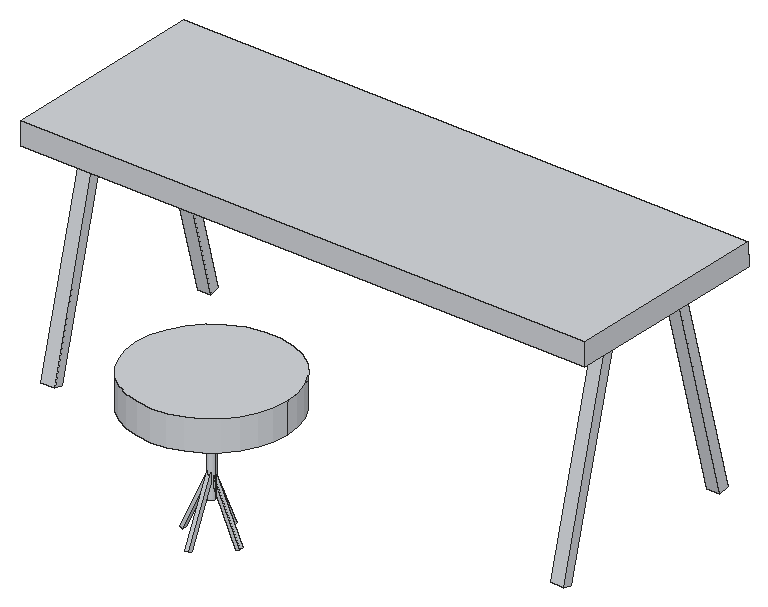
Revit family "АВЛН_Музыкальное оборудование", category Мебель, Revit 2019
Family settings
  Номер OmniClass = 23.40.20.00
  Заголовок OmniClass = General Furniture and Specialties
  На основе рабочей плоскости = Нет
  Всегда вертикально = Да
  При загрузке вырезать с полостями = Нет
  Общий = Нет
  Точка расчета площади = Нет
Parameters (values of type "Цифровое пианино с банкеткой")
  Описание = "Цифровое пианино с банкеткой;1300х420х820мм;\r\nN=0,004кВт"
  Type Comments = ""
  Keynote = ""
  Изготовитель = "Yamaha"
  Группа модели = "Оборудование основных помещений школы"  # constant formula
  ADSK_Размер_Ширина = 540 mm
  ADSK_Размер_Длина = 1490 mm
  ADSK_Размер_Высота = 600 mm
  ADSK_Обозначение = "Yamaha CLP-320"
  ADSK_Масса = 0
  ADSK_Код изделия = ""
  ADSK_Единица измерения = "шт"  # constant formula
Types (2, lengths in mm): name | ADSK_Размер_Ширина | ADSK_Размер_Длина
  (no name) | 600 | 500
  Цифровое пианино с банкеткой | 540 | 1490
Reference planes
  plane 1 "По центру (Вперед/Назад)": y = 0
  plane 2: z = 0
  plane 3 "По центру (Влево/Вправо)": x = 0
  plane 4: z = 600
  plane 5: y = 270
  plane 6: x = 745
  plane 7: x = -745
  plane 8: y = -270
Forms (mm)
  Extrusion 1, solid
    sketch origin (0, -518.993, 633.496) x (-1, 0, 0) y (0, -1, 0)
      loop
        line (-745, -788.993) -> (745, -788.993) -> (745, -248.993) -> (-745, -248.993) -> (-745, -788.993)
    from -93.496 to -33.496
  Extrusion 2, solid
    sketch origin (0, -536.391, 726.976) x (-1, 0, 0) y (0, -1, 0)
      loop
        circle (0, 33.609) r 200
    from -407.341 to -327.341
  Extrusion 3, solid
    sketch origin (-200, -518.993, 592.976) x (-1, 0, 0) y (0, -1, 0)
      loop
        circle (-200, 51.007) r 10
    from -491.843 to -273.341
  Sweep 4, solid
    path origin (0, 0, 0) x (0, 1, 0) y (0, 0, 1)
      loop
        line (-270, 0) -> (-125.307, 540) -> (125.307, 540) -> (270, 0)
    profile origin (0, -197.654, 270) x (0, -0.965926, 0.258819) y (1, 0, 0)
      loop
        line (0, 655) -> (0, 690) -> (-25, 690) -> (-25, 655) -> (0, 655)
  Sweep 5, solid
    path origin (0, 0, 0) x (0, 1, 0) y (0, 0, -1)
      loop
        line (-270, 0) -> (-125.307, -540) -> (125.307, -540) -> (270, 0)
    profile origin (0, -197.654, 270) x (0, 0.965926, -0.258819) y (-1, 0, 0)
      loop
        line (0, 655) -> (25, 655) -> (25, 690) -> (0, 690) -> (0, 655)
  Sweep 6, solid
    path origin (0, 0, 0) x (0, 1, 0) y (0, 0, 1)
      loop
        line (-645.56, 7.256) -> (-571.224, 166.672) -> (-496.45, 6.319)
    profile origin (0, -608.392, 86.964) x (0, -0.906308, 0.422618) y (1, 0, 0)
      loop
        line (5, -5.345) -> (5, 4.655) -> (-5, 4.655) -> (-5, -5.345) -> (5, -5.345)
  Sweep 7, solid
    path origin (570.66, -571.35, 0) x (1, 0, 0) y (0, 0, 1)
      loop
        line (-645.56, 7.256) -> (-571.224, 166.672) -> (-496.45, 6.319)
    profile origin (-37.732, -571.35, 86.964) x (-0.906308, 0, 0.422618) y (0, -1, 0)
      loop
        line (5, -5.345) -> (5, 4.655) -> (-5, 4.655) -> (-5, -5.345) -> (5, -5.345)
Lines and regions (mm)
  symbolic lines
    curve 1: line (745, 60, 592.976) -> (-745, 60, 592.976)
    curve 2: line (745, 0, 592.976) -> (-745, 0, 592.976)
    curve 3: line (-745, -20, 592.976) -> (-685, -20, 592.976)
    curve 4: line (-685, -20, 592.976) -> (-685, -270, 592.976)
    curve 5: line (-685, -250, 592.976) -> (685, -250, 592.976)
    curve 6: line (745, -20, 592.976) -> (685, -20, 592.976)
    curve 7: line (685, -20, 592.976) -> (685, -270, 592.976)
    curve 8: line (-685, -120, 592.976) -> (685, -120, 592.976)
    curve 9: line (-400, -43.579, 592.976) -> (400, -43.579, 592.976)
    curve 10: line (-400, -83.579, 592.976) -> (-400, -43.579, 592.976)
    curve 11: line (400, -83.579, 592.976) -> (-400, -83.579, 592.976)
    curve 12: line (400, -43.579, 592.976) -> (400, -83.579, 592.976)
    curve 13: line (-655, -120, 592.976) -> (-655, -250, 592.976)
    curve 14: line (-625, -120, 592.976) -> (-625, -250, 592.976)
    curve 15: line (-595, -120, 592.976) -> (-595, -250, 592.976)
    curve 16: line (-565, -120, 592.976) -> (-565, -250, 592.976)
    curve 17: line (-535, -120, 592.976) -> (-535, -250, 592.976)
    curve 18: line (-505, -120, 592.976) -> (-505, -250, 592.976)
    curve 19: line (-475, -120, 592.976) -> (-475, -250, 592.976)
    curve 20: line (-445, -120, 592.976) -> (-445, -250, 592.976)
    curve 21: line (-415, -120, 592.976) -> (-415, -250, 592.976)
    curve 22: line (-385, -120, 592.976) -> (-385, -250, 592.976)
    curve 23: line (-355, -120, 592.976) -> (-355, -250, 592.976)
    curve 24: line (-325, -120, 592.976) -> (-325, -250, 592.976)
    curve 25: line (-295, -120, 592.976) -> (-295, -250, 592.976)
    curve 26: line (-265, -120, 592.976) -> (-265, -250, 592.976)
    curve 27: line (-235, -120, 592.976) -> (-235, -250, 592.976)
    curve 28: line (-205, -120, 592.976) -> (-205, -250, 592.976)
    curve 29: line (-175, -120, 592.976) -> (-175, -250, 592.976)
    curve 30: line (-145, -120, 592.976) -> (-145, -250, 592.976)
    curve 31: line (-115, -120, 592.976) -> (-115, -250, 592.976)
    curve 32: line (-85, -120, 592.976) -> (-85, -250, 592.976)
    curve 33: line (-55, -120, 592.976) -> (-55, -250, 592.976)
    curve 34: line (-25, -120, 592.976) -> (-25, -250, 592.976)
    curve 35: line (5, -120, 592.976) -> (5, -250, 592.976)
    curve 36: line (35, -120, 592.976) -> (35, -250, 592.976)
    curve 37: line (65, -120, 592.976) -> (65, -250, 592.976)
    curve 38: line (95, -120, 592.976) -> (95, -250, 592.976)
    curve 39: line (125, -120, 592.976) -> (125, -250, 592.976)
    curve 40: line (155, -120, 592.976) -> (155, -250, 592.976)
    curve 41: line (185, -120, 592.976) -> (185, -250, 592.976)
    curve 42: line (215, -120, 592.976) -> (215, -250, 592.976)
    curve 43: line (245, -120, 592.976) -> (245, -250, 592.976)
    curve 44: line (275, -120, 592.976) -> (275, -250, 592.976)
    curve 45: line (305, -120, 592.976) -> (305, -250, 592.976)
    curve 46: line (335, -120, 592.976) -> (335, -250, 592.976)
    curve 47: line (365, -120, 592.976) -> (365, -250, 592.976)
    curve 48: line (395, -120, 592.976) -> (395, -250, 592.976)
    curve 49: line (425, -120, 592.976) -> (425, -250, 592.976)
    curve 50: line (455, -120, 592.976) -> (455, -250, 592.976)
    curve 51: line (485, -120, 592.976) -> (485, -250, 592.976)
    curve 52: line (515, -120, 592.976) -> (515, -250, 592.976)
    curve 53: line (545, -120, 592.976) -> (545, -250, 592.976)
    curve 54: line (575, -120, 592.976) -> (575, -250, 592.976)
    curve 55: line (605, -120, 592.976) -> (605, -250, 592.976)
    curve 56: line (635, -120, 592.976) -> (635, -250, 592.976)
    curve 57: line (665, -120, 592.976) -> (665, -250, 592.976)
    curve 58: line (-660, -120, 592.976) -> (-660, -190, 592.976)
    curve 59: line (-660, -190, 592.976) -> (-670, -190, 592.976)
    curve 60: line (-670, -190, 592.976) -> (-670, -120, 592.976)
    curve 61: line (-635, -120, 592.976) -> (-635, -190, 592.976)
    curve 62: line (-635, -190, 592.976) -> (-645, -190, 592.976)
    curve 63: line (-645, -190, 592.976) -> (-645, -120, 592.976)
    curve 64: line (-575, -120, 592.976) -> (-575, -190, 592.976)
    curve 65: line (-575, -190, 592.976) -> (-585, -190, 592.976)
    curve 66: line (-585, -190, 592.976) -> (-585, -120, 592.976)
    curve 67: line (-545, -120, 592.976) -> (-545, -190, 592.976)
    curve 68: line (-545, -190, 592.976) -> (-555, -190, 592.976)
    curve 69: line (-555, -190, 592.976) -> (-555, -120, 592.976)
    curve 70: line (-485, -120, 592.976) -> (-485, -190, 592.976)
    curve 71: line (-485, -190, 592.976) -> (-495, -190, 592.976)
    curve 72: line (-495, -190, 592.976) -> (-495, -120, 592.976)
    curve 73: line (-425, -120, 592.976) -> (-425, -190, 592.976)
    curve 74: line (-425, -190, 592.976) -> (-435, -190, 592.976)
    curve 75: line (-435, -190, 592.976) -> (-435, -120, 592.976)
    curve 76: line (-395, -120, 592.976) -> (-395, -190, 592.976)
    curve 77: line (-395, -190, 592.976) -> (-405, -190, 592.976)
    curve 78: line (-405, -190, 592.976) -> (-405, -120, 592.976)
    curve 79: line (-335, -120, 592.976) -> (-335, -190, 592.976)
    curve 80: line (-335, -190, 592.976) -> (-345, -190, 592.976)
    curve 81: line (-345, -190, 592.976) -> (-345, -120, 592.976)
    curve 82: line (-275, -120, 592.976) -> (-275, -190, 592.976)
    curve 83: line (-275, -190, 592.976) -> (-285, -190, 592.976)
    curve 84: line (-285, -190, 592.976) -> (-285, -120, 592.976)
    curve 85: line (-245, -120, 592.976) -> (-245, -190, 592.976)
    curve 86: line (-245, -190, 592.976) -> (-255, -190, 592.976)
    curve 87: line (-255, -190, 592.976) -> (-255, -120, 592.976)
    curve 88: line (-185, -120, 592.976) -> (-185, -190, 592.976)
    curve 89: line (-185, -190, 592.976) -> (-195, -190, 592.976)
    curve 90: line (-195, -190, 592.976) -> (-195, -120, 592.976)
    curve 91: line (-125, -120, 592.976) -> (-125, -190, 592.976)
    curve 92: line (-125, -190, 592.976) -> (-135, -190, 592.976)
    curve 93: line (-135, -190, 592.976) -> (-135, -120, 592.976)
    curve 94: line (-95, -120, 592.976) -> (-95, -190, 592.976)
    curve 95: line (-95, -190, 592.976) -> (-105, -190, 592.976)
    curve 96: line (-105, -190, 592.976) -> (-105, -120, 592.976)
    curve 97: line (-35, -120, 592.976) -> (-35, -190, 592.976)
    curve 98: line (-35, -190, 592.976) -> (-45, -190, 592.976)
    curve 99: line (-45, -190, 592.976) -> (-45, -120, 592.976)
    curve 100: line (-5, -120, 592.976) -> (-5, -190, 592.976)
    curve 101: line (-5, -190, 592.976) -> (-15, -190, 592.976)
    curve 102: line (-15, -190, 592.976) -> (-15, -120, 592.976)
    curve 103: line (55, -120, 592.976) -> (55, -190, 592.976)
    curve 104: line (55, -190, 592.976) -> (45, -190, 592.976)
    curve 105: line (45, -190, 592.976) -> (45, -120, 592.976)
    curve 106: line (115, -120, 592.976) -> (115, -190, 592.976)
    curve 107: line (115, -190, 592.976) -> (105, -190, 592.976)
    curve 108: line (105, -190, 592.976) -> (105, -120, 592.976)
    curve 109: line (145, -120, 592.976) -> (145, -190, 592.976)
    curve 110: line (145, -190, 592.976) -> (135, -190, 592.976)
    curve 111: line (135, -190, 592.976) -> (135, -120, 592.976)
    curve 112: line (205, -120, 592.976) -> (205, -190, 592.976)
    curve 113: line (205, -190, 592.976) -> (195, -190, 592.976)
    curve 114: line (195, -190, 592.976) -> (195, -120, 592.976)
    curve 115: line (265, -120, 592.976) -> (265, -190, 592.976)
    curve 116: line (265, -190, 592.976) -> (255, -190, 592.976)
    curve 117: line (255, -190, 592.976) -> (255, -120, 592.976)
    curve 118: line (295, -120, 592.976) -> (295, -190, 592.976)
    curve 119: line (295, -190, 592.976) -> (285, -190, 592.976)
    curve 120: line (285, -190, 592.976) -> (285, -120, 592.976)
    curve 121: line (355, -120, 592.976) -> (355, -190, 592.976)
    curve 122: line (355, -190, 592.976) -> (345, -190, 592.976)
    curve 123: line (345, -190, 592.976) -> (345, -120, 592.976)
    curve 124: line (385, -120, 592.976) -> (385, -190, 592.976)
    curve 125: line (385, -190, 592.976) -> (375, -190, 592.976)
    curve 126: line (375, -190, 592.976) -> (375, -120, 592.976)
    curve 127: line (445, -120, 592.976) -> (445, -190, 592.976)
    curve 128: line (445, -190, 592.976) -> (435, -190, 592.976)
    curve 129: line (435, -190, 592.976) -> (435, -120, 592.976)
    curve 130: line (475, -120, 592.976) -> (475, -190, 592.976)
    curve 131: line (475, -190, 592.976) -> (465, -190, 592.976)
    curve 132: line (465, -190, 592.976) -> (465, -120, 592.976)
    curve 133: line (535, -120, 592.976) -> (535, -190, 592.976)
    curve 134: line (535, -190, 592.976) -> (525, -190, 592.976)
    curve 135: line (525, -190, 592.976) -> (525, -120, 592.976)
    curve 136: line (567.239, -120, 592.976) -> (567.239, -190, 592.976)
    curve 137: line (567.239, -190, 592.976) -> (557.239, -190, 592.976)
    curve 138: line (557.239, -190, 592.976) -> (557.239, -120, 592.976)
    curve 139: line (625, -120, 592.976) -> (625, -190, 592.976)
    curve 140: line (625, -190, 592.976) -> (615, -190, 592.976)
    curve 141: line (615, -190, 592.976) -> (615, -120, 592.976)
    curve 142: line (660, -120, 592.976) -> (660, -190, 592.976)
    curve 143: line (660, -190, 592.976) -> (650, -190, 592.976)
    curve 144: line (650, -190, 592.976) -> (650, -120, 592.976)
Dimensions and locks
  plane 2 to plane 4 = 600 mm
  equal spacing: plane 8, plane 1 "По центру (Вперед/Назад)", plane 5
  equal spacing: plane 7, plane 3 "По центру (Влево/Вправо)", plane 6
  "ADSK_Размер_Длина": plane 7 to plane 6
  "ADSK_Размер_Ширина": plane 5 to plane 8
  "ADSK_Размер_Высота": plane 2 to plane 4
  locked: Extrusion 1 to plane 4 at 60
  equal spacing: group 1, group 2, group 3, group 4, group 5, group 6, group 7, group 8, group 9, group 10, group 11, group 12, group 13, group 14, group 15, group 16, group 17, group 18, group 19, group 20, group 21, group 22, group 23, group 24, group 25, group 26, group 27, group 28, group 29, group 30, group 31, group 32, group 33, group 34, group 35, group 36, group 37, group 38, group 39, group 40, group 41, group 42, group 43, group 44, group 45  (x3)
  locked: level to Extrusion 2 at 399.635
  locked: Extrusion 2 to Extrusion 2 at 80
  radius of Extrusion 2 sketch curve = 200 mm
  radius of Extrusion 3 sketch curve = 10 mm
  aligned and locked: level to plane 2
  aligned and locked: Extrusion 1 sketch curve to plane 5
  aligned and locked: Extrusion 1 sketch curve to plane 6
  aligned and locked: Extrusion 1 sketch curve to plane 8
  aligned and locked: Extrusion 1 sketch curve to plane 7
  aligned and locked: Extrusion 1 to plane 4
  aligned and locked: Extrusion 3 to Extrusion 2
Automatic sketch dimensions
  curve 6 to plane 6 = 0 mm
  plane 1 "По центру (Вперед/Назад)" to curve 2 = 0 mm
  curve 2 to plane 6 = 0 mm
  curve 1 to plane 6 = 0 mm
  plane 8 to curve 7 = 0 mm
  curve 4 to plane 8 = 0 mm
  curve 1 to plane 7 = 0 mm
  curve 2 to plane 7 = 0 mm
  curve 3 to plane 7 = 0 mm
  plane 1 "По центру (Вперед/Назад)" to curve 6 = 20 mm
  curve 6 to plane 6 = 60 mm
  curve 5 to curve 142 = 25 mm
  curve 142 to curve 144 = 10 mm
  curve 143 to curve 139 = 25 mm
  curve 139 to curve 141 = 10 mm
  curve 140 to curve 137 = 47.761 mm
  curve 136 to curve 138 = 10 mm
  curve 137 to curve 133 = 22.239 mm
  curve 133 to curve 134 = 10 mm
  curve 134 to curve 131 = 50 mm
  curve 130 to curve 131 = 10 mm
  curve 131 to curve 128 = 20 mm
  curve 127 to curve 128 = 10 mm
  curve 129 to curve 12 = 35 mm
  curve 128 to curve 124 = 50 mm
  curve 124 to curve 126 = 10 mm
  curve 125 to curve 122 = 20 mm
  curve 121 to curve 122 = 10 mm
  curve 122 to curve 119 = 50 mm
  curve 118 to curve 120 = 10 mm
  curve 119 to curve 115 = 20 mm
  curve 115 to curve 117 = 10 mm
  curve 116 to curve 112 = 50 mm
  curve 112 to curve 114 = 10 mm
  curve 113 to curve 109 = 50 mm
  curve 109 to curve 111 = 10 mm
  curve 110 to curve 106 = 20 mm
  curve 106 to curve 108 = 10 mm
  curve 107 to curve 103 = 50 mm
  curve 103 to curve 105 = 10 mm
  curve 100 to plane 3 "По центру (Влево/Вправо)" = 5 mm
  curve 100 to curve 101 = 10 mm
  curve 101 to curve 97 = 20 mm
  curve 97 to curve 98 = 10 mm
  curve 98 to curve 94 = 50 mm
  curve 94 to curve 96 = 10 mm
  curve 95 to curve 91 = 20 mm
  curve 91 to curve 92 = 10 mm
  curve 92 to curve 89 = 50 mm
  curve 88 to curve 89 = 10 mm
  curve 89 to curve 85 = 50 mm
  curve 85 to curve 87 = 10 mm
  curve 86 to curve 83 = 20 mm
  curve 82 to curve 83 = 10 mm
  curve 83 to curve 79 = 50 mm
  curve 79 to curve 80 = 10 mm
  curve 80 to curve 76 = 50 mm
  curve 76 to curve 10 = 5 mm
  curve 76 to curve 78 = 10 mm
  curve 77 to curve 73 = 20 mm
  curve 73 to curve 74 = 10 mm
  curve 74 to curve 70 = 50 mm
  curve 70 to curve 71 = 10 mm
  curve 71 to curve 67 = 50 mm
  curve 67 to curve 69 = 10 mm
  curve 68 to curve 64 = 20 mm
  curve 64 to curve 66 = 10 mm
  curve 65 to curve 61 = 50 mm
  curve 61 to curve 62 = 10 mm
  curve 62 to curve 58 = 15 mm
  curve 58 to curve 60 = 10 mm
  plane 1 "По центру (Вперед/Назад)" to curve 4 = 20 mm
  curve 4 to curve 3 = 60 mm
  plane 1 "По центру (Вперед/Назад)" to curve 12 = 43.579 mm
  curve 9 to curve 10 = 40 mm
  plane 8 to curve 84 = 80 mm
  curve 82 to curve 85 = 0 mm
  curve 85 to curve 88 = 0 mm
  curve 81 to curve 83 = 0 mm
  curve 88 to curve 91 = 0 mm
  curve 91 to curve 94 = 0 mm
  curve 78 to curve 80 = 0 mm
  curve 94 to curve 97 = 0 mm
  curve 97 to curve 100 = 0 mm
  curve 75 to curve 77 = 0 mm
  curve 100 to curve 103 = 0 mm
  curve 103 to curve 106 = 0 mm
  curve 72 to curve 74 = 0 mm
  curve 106 to curve 109 = 0 mm
  curve 109 to curve 112 = 0 mm
  curve 69 to curve 71 = 0 mm
  curve 112 to curve 115 = 0 mm
  curve 115 to curve 118 = 0 mm
  curve 66 to curve 68 = 0 mm
  curve 118 to curve 121 = 0 mm
  curve 121 to curve 124 = 0 mm
  curve 63 to curve 65 = 0 mm
  curve 124 to curve 127 = 0 mm
  curve 127 to curve 130 = 0 mm
  curve 60 to curve 62 = 0 mm
  curve 130 to curve 133 = 0 mm
  curve 133 to curve 136 = 0 mm
  plane 8 to curve 144 = 80 mm
  curve 139 to curve 143 = 0 mm
  curve 1 to curve 2 = 60 mm
  curve 8 to curve 59 = 70 mm
  curve 5 to curve 7 = 20 mm
  Extrusion 2 sketch curve to plane 3 "По центру (Влево/Вправо)" = 0 mm
  Extrusion 2 sketch curve to plane 8 = 300 mm
  Extrusion 3 sketch curve to plane 3 "По центру (Влево/Вправо)" = 0 mm
  Extrusion 3 sketch curve to plane 8 = 300 mm
  Sweep 4 sketch curve to level = 0 mm  (x2)
  Sweep 4 sketch curve to plane 8 = 0 mm
  Sweep 4 sketch curve to plane 5 = 0 mm
  plane 4 to Sweep 4 sketch curve = 60 mm
  plane 1 "По центру (Вперед/Назад)" to Sweep 4 sketch curve = 125.307 mm
  Sweep 4 sketch curve to plane 1 "По центру (Вперед/Назад)" = 125.307 mm
  Sweep 4 sketch curve to profile plane = 0 mm
  profile plane to Sweep 4 sketch curve = 25 mm
  plane 3 "По центру (Влево/Вправо)" to Sweep 4 sketch curve = 655 mm
  Sweep 4 sketch curve to Sweep 4 sketch curve = 35 mm
  Sweep 5 sketch curve to level = 0 mm  (x2)
  Sweep 5 sketch curve to plane 8 = 0 mm
  Sweep 5 sketch curve to plane 5 = 0 mm
  plane 4 to Sweep 5 sketch curve = 60 mm
  plane 1 "По центру (Вперед/Назад)" to Sweep 5 sketch curve = 125.307 mm
  Sweep 5 sketch curve to plane 1 "По центру (Вперед/Назад)" = 125.307 mm
  profile plane to Sweep 5 sketch curve = 0 mm
  Sweep 5 sketch curve to profile plane = 25 mm
  profile plane to Sweep 5 sketch curve = 655 mm
  Sweep 5 sketch curve to Sweep 5 sketch curve = 35 mm
  Sweep 6 sketch curve to plane 3 "По центру (Влево/Вправо)" = 5.345 mm
  Sweep 6 sketch curve to profile plane = 5 mm
  profile plane to Sweep 6 sketch curve = 5 mm
  plane 3 "По центру (Влево/Вправо)" to Sweep 6 sketch curve = 4.655 mm
  Sweep 6 sketch curve to plane 8 = 301.224 mm
  level to Sweep 6 sketch curve = 166.672 mm
  level to Sweep 6 sketch curve = 7.256 mm
  Sweep 6 sketch curve to Sweep 6 sketch curve = 74.337 mm
  level to Sweep 6 sketch curve = 6.319 mm
  Sweep 6 sketch curve to Sweep 6 sketch curve = 149.111 mm
  Sweep 7 sketch curve to plane 3 "По центру (Влево/Вправо)" = 0.563 mm
  level to Sweep 7 sketch curve = 166.672 mm
  level to Sweep 7 sketch curve = 7.256 mm
  Sweep 7 sketch curve to plane 3 "По центру (Влево/Вправо)" = 74.9 mm
  level to Sweep 7 sketch curve = 6.319 mm
  plane 3 "По центру (Влево/Вправо)" to Sweep 7 sketch curve = 74.21 mm
  profile plane to Sweep 7 sketch curve = 5 mm
  Sweep 7 sketch curve to profile plane = 5 mm
  Sweep 7 sketch curve to profile plane = 5.345 mm
  profile plane to Sweep 7 sketch curve = 4.655 mm
